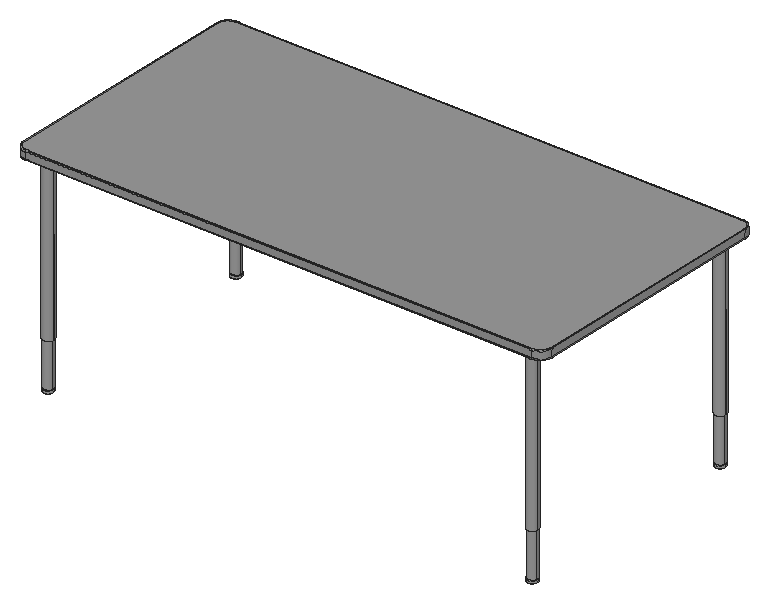
Revit family "Hiearchy Activity 7236", category Generic Models, Revit 2018
Family settings
  Can host rebar = No
  Round Connector Dimension = Use Diameter
  Part Type = Normal
  Work Plane-Based = No
  Always vertical = Yes
  Cut with Voids When Loaded = No
  Shared = No
  Room Calculation Point = No
Parameters
  Table Height = 2' - 4 1/2"
  Surface = Hierarchy Activity 7236 Surface
  Leg Finish = Shapes Leg Platinum
  Edgeband = Hierarchy Activity 7236 Edgeband
  Caster/Glider = Shapes Leg - Glider : Shapes Leg - Glider
Reference planes (in)
  plane 1 "Center (Front/Back)": y = 0
  plane 2: z = 0
  plane 3 "Center (Left/Right)": x = 0
  plane 4: z = 28.5
Dimensions and locks (in)
  "Table Height": plane 4 to level
  aligned and locked: plane 2 to level
  aligned and locked: nested 1 to plane 4
Nested families (in)
  nested 1: "Activity 60x36 Tabletop" at (0, 0, 4.575), type "Activity 60x36 Tabletop"
  nested 2: "Shapes Leg - Glider" at (-33, 16, 0), Leg Height <- "Table Height", Shapes Leg Finish <- "Leg Finish", type "Shapes Leg - Glider"
    with Shapes Leg Finish Shapes Leg Platinum, Leg Height 2' - 4 1/2"
  nested 3: "Shapes Leg - Glider" at (33, 16, 0), Leg Height <- "Table Height", Shapes Leg Finish <- "Leg Finish", type <- "Caster/Glider", type "Shapes Leg - Glider"
    with Shapes Leg Finish Shapes Leg Platinum, Leg Height 2' - 4 1/2"
  nested 4: "Shapes Leg - Glider" at (-33, -16, 0), Leg Height <- "Table Height", Shapes Leg Finish <- "Leg Finish", type "Shapes Leg - Glider"
    with Shapes Leg Finish Shapes Leg Platinum, Leg Height 2' - 4 1/2"
  nested 5: "Shapes Leg - Glider" at (33, -16, 0), Leg Height <- "Table Height", Shapes Leg Finish <- "Leg Finish", type <- "Caster/Glider", type "Shapes Leg - Glider"
    with Shapes Leg Finish Shapes Leg Platinum, Leg Height 2' - 4 1/2"
Definition of nested family "Activity 60x36 Tabletop"
  Parameters (values of type "Activity 60x36 Tabletop")
    Surface = none
    Edgeband = none
  Reference planes (in)
    plane 1 "Center (Front/Back)": y = 0
    plane 2: z = 0
    plane 3 "Center (Left/Right)": x = 0
  Forms (in)
    Extrusion 1, solid, material <- "Surface"
      sketch origin (0, 0, 0) x (1, 0, 0) y (0, 1, 0)
        loop
          line (34.5, 17.88189) -> (-34.5, 17.88189)
          arc (-34.5, 17.88189) -> (-35.47714, 17.47714) -> (-35.88189, 16.5) r 1.38189
          line (-35.88189, 16.5) -> (-35.88189, -16.5)
          arc (-35.88189, -16.5) -> (-35.47714, -17.47714) -> (-34.5, -17.88189) r 1.38189
          line (-34.5, -17.88189) -> (34.5, -17.88189)
          arc (34.5, -17.88189) -> (35.47714, -17.47714) -> (35.88189, -16.5) r 1.38189
          line (35.88189, -16.5) -> (35.88189, 16.5)
          arc (35.88189, 16.5) -> (35.47714, 17.47714) -> (34.5, 17.88189) r 1.38189
      from 23.925 to 25.125
    Sweep 2, solid, material <- "Edgeband"
      path origin (0, 0, 0) x (1, 0, 0) y (0, 1, 0)
        loop
          line (34.5, 17.88189) -> (-34.5, 17.88189)
          arc (-34.5, 17.88189) -> (-35.47714, 17.47714) -> (-35.88189, 16.5) r 1.38189
          line (-35.88189, 16.5) -> (-35.88189, -16.5)
          arc (-35.88189, -16.5) -> (-35.47714, -17.47714) -> (-34.5, -17.88189) r 1.38189
          line (-34.5, -17.88189) -> (34.5, -17.88189)
          arc (34.5, -17.88189) -> (35.47714, -17.47714) -> (35.88189, -16.5) r 1.38189
          line (35.88189, -16.5) -> (35.88189, 16.5)
          arc (35.88189, 16.5) -> (35.47714, 17.47714) -> (34.5, 17.88189) r 1.38189
      profile origin (0, 17.88189, 0) x (0, -1, 0) y (0, 0, 1)
        loop
          arc (0, 25.125) -> (-0.08352, 25.09041) -> (-0.11811, 25.00689) r 0.11811
          line (-0.11811, 25.00689) -> (-0.11811, 24.04311)
          arc (-0.11811, 24.04311) -> (-0.08352, 23.95959) -> (0, 23.925) r 0.11811
          line (0, 23.925) -> (0, 25.125)
  Dimensions and locks (in)
    aligned and locked: plane 2 to level
Definition of nested family "Shapes Leg - Glider"
  Parameters (values of type "Shapes Leg - Glider")
    Shapes Leg Finish [instance] = none
    Leg Height [instance] = 2' - 4 1/2"
  Reference planes (in)
    plane 1 "Center (Front/Back)": y = 0
    plane 2: z = 0
    plane 3 "Center (Left/Right)": x = 0
  Forms (in)
    Extrusion 1, solid
      sketch origin (-0.01562, 0, 0) x (1, 0, 0) y (0, 1, 0)
        loop
          circle (0.01563, 0) r 0.64906
      from 0.50586 to 20.17439
  Dimensions and locks (in)
    "Leg Height": nested 2 to level
    aligned and locked: plane 2 to level
  Automatic sketch dimensions
    plane 1 "Center (Front/Back)" to Extrusion 1 sketch curve = 0' - 0"
    Extrusion 1 sketch curve to plane 3 "Center (Left/Right)" = 0' - 0"
    radius of Extrusion 1 sketch curve = 0' - 0.64906"
  Nested families (in)
    nested 1: "Glider" at (0, 0, 0), type "Glider"
    nested 2: "Shapes Upper Leg" at (0, 0, 0), Shapes Leg Finish <- "Shapes Leg Finish", type "Shapes Upper Leg"
      with Shapes Leg Finish none
  Definition of nested family "Glider"
    Reference planes (in)
      plane 1 "Center (Front/Back)": y = 0
      plane 2: z = 0
      plane 3 "Center (Left/Right)": x = 0
    Forms (in)
      Revolve 1, solid
        sketch origin (0, 0, 0) x (1, 0, 0) y (0, 0, 1)
          loop
            line (0.26614, 0.50586) -> (0, 0.50586) -> (0, 0.09994) -> (0.71656, 0.09994) -> (0.71656, 0.37634)
            arc (0.71656, 0.37634) -> (0.70181, 0.41548) -> (0.66511, 0.43552) r 0.06011
            arc (0.66511, 0.43552) -> (0.46609, 0.45951) -> (0.26614, 0.47365) r 4.06535
            line (0.26614, 0.47365) -> (0.26614, 0.50586)
          axis (0, 0.50586) -> (0, 0.09994)
        angle from 0 to 360
      Revolve 2, solid
        sketch origin (0, 0, 0) x (1, 0, 0) y (0, 0, 1)
          loop
            line (0.65534, 0.1212) -> (0, 0.1212) -> (0, 0) -> (0.57593, 0)
            arc (0.57593, 0) -> (0.63208, 0.02326) -> (0.65534, 0.07941) r 0.07941
            line (0.65534, 0.07941) -> (0.65534, 0.1212)
          axis (0, 0.1212) -> (0, 0)
        angle from 0 to 360
    Dimensions and locks (in)
      aligned and locked: plane 2 to level
  Definition of nested family "Shapes Upper Leg"
    Parameters (values of type "Shapes Upper Leg")
      Shapes Leg Finish [instance] = none
    Reference planes (in)
      plane 1 "Center (Front/Back)": y = 0
      plane 2: z = 0
      plane 3 "Center (Left/Right)": x = 0
    Forms (in)
      Extrusion 1, solid, material <- "Shapes Leg Finish"
        sketch origin (0, 0, 0) x (1, 0, 0) y (0, 1, 0)
          loop
            circle (0, 0) r 0.75
        from 6.5 to 28.5
    Dimensions and locks (in)
      aligned and locked: plane 2 to level
